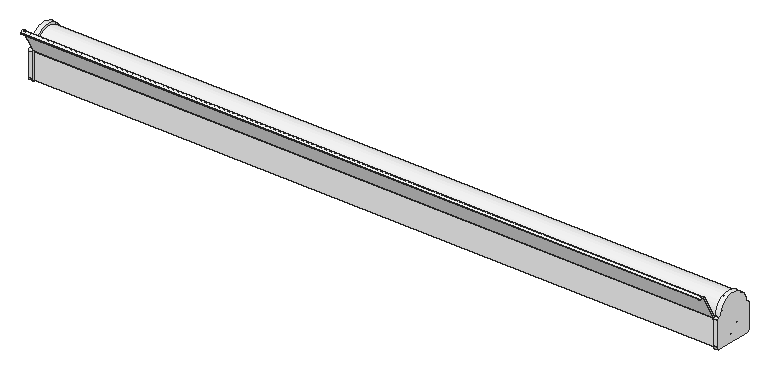
Revit family "0045172+0045234 Feilo Sylvania Lighting Fixture SYLBATTEN LED3 NW TP3 with ASYMMETRIC REFLECTOR ACCESSORY 1200MM", category Lighting Fixtures, host Face, Revit 2017
Family settings
  Host = Face
  Round Connector Dimension = Use Diameter
  Part Type = Normal
  OmniClass Number = 23.80.70.00
  OmniClass Title = Lighting
  Cut with Voids When Loaded = No
  Light Source = Yes
  Shared = No
  Room Calculation Point = No
Parameters (values of type "0045172 SYLBATTEN LED3 NW TP3")
  Width_FEILO = 66 mm
  Weight = "2.546 kg"
  Wattage Comments = "n/a"
  Wattage = 26 W
  WarrantyStartDate [instance] = "n/a"
  WarrantyGuarantorParts = "n/a"
  WarrantyDurationUnit = "n/a"
  WarrantyDurationParts = "n/a"
  WarrantyDescription = "n/a"
  built-in parameter 1150110 = 1 (stored number, unit not read)
  Voltage = 230 V
  URL = "http://www.sylvania-lighting.com"
  TypeName = "SYLBATTEN LED3 NW TP3"
  Type Image = <None>
  Type Comments = "n/a"
  built-in parameter 1114217 = 1 (stored number, unit not read)
  Tilt Angle = -90.00°
  built-in parameter 1150109 = 1 (stored number, unit not read)
  built-in parameter 1150134 = 12
  SymReflector_FEILO = no
  built-in parameter 1150113 = 1 (stored number, unit not read)
  SerialNumber [instance] = "n/a"
  PowerFactor = 0
  PowerConsumption = "26 W"
  Photometric Web File = "0045172+0045234.ies"
  NominalLength = 1205 mm
  NominalHeight = 91 mm
  NominalDepth = 122 mm
  Name = "SYLBATTEN LED3 NW TP3"
  ModelReference = Name  # "SYLBATTEN LED3 NW TP3"
  ModelNumber = "0045172"
  Model = Name  # "SYLBATTEN LED3 NW TP3"
  Material_4_FEILO = Reflector-Sylvania-Sylbatten-White
  Material_3_FEILO = Diffuser-Sylvania-Sylbatten-Glow
  Material_2_FEILO = Body-Sylvania-Sylbatten-White
  Material_1_FEILO = Body-Sylvania-Sylbatten-White
  Material = "sheet steel housing, polycarbonate diffuser"
  ManufacturerName = "Feilo Sylvania"
  Manufacturer = "Feilo Sylvania"
  LuminousEfficacy = "108.1 lm/W"
  built-in parameter 1150105 = 223.76 (stored number, unit not read)
  Lumens = 2811.9 lm
  LuminaireType = ""
  built-in parameter 1150115 = 1 (stored number, unit not read)
  LightOutputRatio = "100"
  built-in parameter 1150137 = (empty or 0)
  built-in parameter 1150139 = (empty or 0)
  Length_FEILO = 1205 mm
  LampsType = Lamp  # "LED"
  LampNominalLuminous = "2812 lm"
  LampMacAdamStep = "n/a"
  LampColourTemperature = "4000 K"
  LampColourRenderingIndex = "80"
  built-in parameter 1150112 = 1 (stored number, unit not read)
  built-in parameter 1150114 = 1 (stored number, unit not read)
  Lamp = "LED"
  Keynote = "16500"
  InstallationDate [instance] = "n/a"
  InputVoltage = "220-240V~"
  InputNominalFrequency = "n/a"
  built-in parameter 1150132 = (empty or 0)
  built-in parameter 1150102 = (empty or 0)
  built-in parameter 1150107 = 4000 (stored number, unit not read)
  built-in parameter 1150138 = (empty or 0)
  IngressProtection = "IP20"
  ImpactProtectionIndex = "IK07"
  built-in parameter 1150106 = 2.2376 (stored number, unit not read)
  IfcExportType = "IfcLightFixtureType"
  IfcExportAs = "IfcLightFixtureType"
  Height_FEILO = 76 mm
  ExpectedLife = 50000
  Emit from Rectangle Width = Length_FEILO - 16 mm  # 1189 mm
  Emit from Rectangle Length = Width_FEILO - 40 mm  # 26 mm
  Emit Shape Visible in Rendering = no
  ElectricShockClassification = "Class I"
  built-in parameter 1150104 = 10.047 (stored number, unit not read)
  DurationUnit = "hours"
  DocumentationLiterature = "http://www.sylvania-lighting.com/product/en-int/products/0045172"
  DimmingControlOptions = "n/a"
  Dimming Lamp Color Temperature Shift = <None>
  Description = "LED batten, T8 replacement, ease of installation through 2 part push-in design of the housing (safety cable included), through wiring capability (TP3 = 3 core), sheet steel, 2812LM, 26W, 108lm/W, 4000K, drive current: 350mA, CRI 80, 138° wide beam angle, electronic driver (non dimmable), IP20, IK07, 50,000 hrs (L70), (LxWxH) 1205x66x76mm, 5 step MacAdam ellipse, 3kg, white RAL9016, Class 1, 220-240V, energy class: A++, A+, A."
  Default Elevation = 1219.2 mm
  CreatedOn = "1/25/2018"
  CreatedBy = ""
  Cost = 0
  Color Filter = 16777215
  built-in parameter 1114216 [instance] = (empty or 0)
  ClassificationValue = "EF_70_80"
  ClassificationName = "Uniclass2015"
  CapOffset_FEILO = 2 mm
  BarCode [instance] = "n/a"
  built-in parameter 1114218 = 1 (stored number, unit not read)
  BackReflector_FEILO = and(not(AsymReflector_FEILO), SymReflector_FEILO)  # no
  built-in parameter 1150133 = 10 (stored number, unit not read)
  FrontReflector_FEILO = or(AsymReflector_FEILO, SymReflector_FEILO)  # yes
  AsymReflector_FEILO = yes
  AssetType = "Fixed"
  AssetIdentifier [instance] = "n/a"
  Assembly Code = "D5020200"
  Apparent Load = 26 VA
Reference planes
  plane 1 "Center (Front/Back)": y = 0
  plane 2: z = 0
  plane 3 "Center (Left/Right)": x = 0
  plane 4: x = 602.5
  plane 5: x = -602.5
  plane 6: y = 33
  plane 7: y = -33
  plane 8: z = 76
  plane 9: z = 47
  plane 10: y = -29
  plane 11: y = 29
  plane 12: z = 20
  plane 13: z = 74
  plane 14: y = -31
  plane 15: y = -27
  plane 16: y = 27
  plane 17: y = 31
  plane 18: z = 2
  plane 19: x = -594.5
  plane 20: x = 594.5
  plane 21: z = 49
  plane 22: y = 1
  plane 23: y = -1
  plane 24: z = 21
  plane 25: z = 19
  plane 26: y = -61
  plane 27: y = 61
  plane 28: y = -56
  plane 29: y = 56
  plane 30: z = 91
  plane 31: z = 88
Forms (mm)
  Extrusion 1, solid, material "Body-Sylvania-Sylbatten-White" <- "Material_2_FEILO"
    sketch origin (0, 0, 0) x (0, 1, 0) y (0, 0, 1)
      loop
        line (-31, 2) -> (31, 2) -> (31, 45)
        arc (31, 45) -> (30.414, 46.414) -> (29, 47) r 2
        line (29, 47) -> (27, 47)
        arc (27, 47) -> (0, 74) -> (-27, 47) r 27
        line (-27, 47) -> (-29, 47)
        arc (-29, 47) -> (-30.414, 46.414) -> (-31, 45) r 2
        line (-31, 45) -> (-31, 2)
    from -594.5 to 594.5
  Extrusion 2, solid, material "Body-Sylvania-Sylbatten-White" <- "Material_2_FEILO"
    sketch origin (602.5, 1524, 1219.2) x (0, 1, 0) y (0, 0, 1)
      loop
        arc (-1494, -1219.2) -> (-1491.879, -1218.321) -> (-1491, -1216.2) r 3
        line (-1491, -1216.2) -> (-1491, -1173.2)
        arc (-1491, -1173.2) -> (-1491.879, -1171.079) -> (-1494, -1170.2) r 3
        line (-1494, -1170.2) -> (-1495.069, -1170.2)
        arc (-1495.069, -1170.2) -> (-1524, -1143.2) -> (-1552.931, -1170.2) r 29
        line (-1552.931, -1170.2) -> (-1554, -1170.2)
        arc (-1554, -1170.2) -> (-1556.121, -1171.079) -> (-1557, -1173.2) r 3
        line (-1557, -1173.2) -> (-1557, -1216.2)
        arc (-1557, -1216.2) -> (-1556.121, -1218.321) -> (-1554, -1219.2) r 3
        line (-1554, -1219.2) -> (-1494, -1219.2)
      loop
        arc (-1525, -1189.25) -> (-1531.071, -1192.129) -> (-1533.95, -1198.2) r 10
        line (-1533.95, -1198.2) -> (-1532.944, -1198.2)
        arc (-1532.944, -1198.2) -> (-1530.364, -1192.836) -> (-1525, -1190.256) r 9
        line (-1525, -1190.256) -> (-1525, -1189.25)
      loop
        arc (-1523, -1190.256) -> (-1517.636, -1192.836) -> (-1515.056, -1198.2) r 9
        line (-1515.056, -1198.2) -> (-1514.05, -1198.2)
        arc (-1514.05, -1198.2) -> (-1516.929, -1192.129) -> (-1523, -1189.25) r 10
        line (-1523, -1189.25) -> (-1523, -1190.256)
      loop
        line (-1532.944, -1200.2) -> (-1533.95, -1200.2)
        arc (-1533.95, -1200.2) -> (-1531.071, -1206.271) -> (-1525, -1209.15) r 10
        line (-1525, -1209.15) -> (-1525, -1208.144)
        arc (-1525, -1208.144) -> (-1530.364, -1205.564) -> (-1532.944, -1200.2) r 9
      loop
        arc (-1515.056, -1200.2) -> (-1517.636, -1205.564) -> (-1523, -1208.144) r 9
        line (-1523, -1208.144) -> (-1523, -1209.15)
        arc (-1523, -1209.15) -> (-1516.929, -1206.271) -> (-1514.05, -1200.2) r 10
        line (-1514.05, -1200.2) -> (-1515.056, -1200.2)
    from 0 to -8
  Extrusion 3, solid, material "Body-Sylvania-Sylbatten-White" <- "Material_2_FEILO"
    sketch origin (-602.5, 1524, 1219.2) x (0, 1, 0) y (0, 0, 1)
      loop
        arc (-1495.069, -1170.2) -> (-1524, -1143.2) -> (-1552.931, -1170.2) r 29
        line (-1552.931, -1170.2) -> (-1554, -1170.2)
        arc (-1554, -1170.2) -> (-1556.121, -1171.079) -> (-1557, -1173.2) r 3
        line (-1557, -1173.2) -> (-1557, -1216.2)
        arc (-1557, -1216.2) -> (-1556.121, -1218.321) -> (-1554, -1219.2) r 3
        line (-1554, -1219.2) -> (-1494, -1219.2)
        arc (-1494, -1219.2) -> (-1491.879, -1218.321) -> (-1491, -1216.2) r 3
        line (-1491, -1216.2) -> (-1491, -1173.2)
        arc (-1491, -1173.2) -> (-1491.879, -1171.079) -> (-1494, -1170.2) r 3
        line (-1494, -1170.2) -> (-1495.069, -1170.2)
      loop
        line (-1533.95, -1198.2) -> (-1532.944, -1198.2)
        arc (-1532.944, -1198.2) -> (-1530.364, -1192.836) -> (-1525, -1190.256) r 9
        line (-1525, -1190.256) -> (-1525, -1189.25)
        arc (-1525, -1189.25) -> (-1531.071, -1192.129) -> (-1533.95, -1198.2) r 10
      loop
        line (-1523, -1189.25) -> (-1523, -1190.256)
        arc (-1523, -1190.256) -> (-1517.636, -1192.836) -> (-1515.056, -1198.2) r 9
        line (-1515.056, -1198.2) -> (-1514.05, -1198.2)
        arc (-1514.05, -1198.2) -> (-1516.929, -1192.129) -> (-1523, -1189.25) r 10
      loop
        line (-1514.05, -1200.2) -> (-1515.056, -1200.2)
        arc (-1515.056, -1200.2) -> (-1517.636, -1205.564) -> (-1523, -1208.144) r 9
        line (-1523, -1208.144) -> (-1523, -1209.15)
        arc (-1523, -1209.15) -> (-1516.929, -1206.271) -> (-1514.05, -1200.2) r 10
      loop
        line (-1525, -1209.15) -> (-1525, -1208.144)
        arc (-1525, -1208.144) -> (-1530.364, -1205.564) -> (-1532.944, -1200.2) r 9
        line (-1532.944, -1200.2) -> (-1533.95, -1200.2)
        arc (-1533.95, -1200.2) -> (-1531.071, -1206.271) -> (-1525, -1209.15) r 10
    from 0 to 8
  Extrusion 4, solid, material "Reflector-Sylvania-Sylbatten-White" <- "Material_4_FEILO", visible <- "FrontReflector_FEILO"
    sketch origin (0, 0, 0) x (0, 1, 0) y (0, 0, 1)
      loop
        line (-61.257, 88.429) -> (-60.743, 87.571) -> (-56.621, 90.044)
        arc (-56.621, 90.044) -> (-56.237, 90.099) -> (-55.929, 89.863) r 0.5
        line (-55.929, 89.863) -> (-31.435, 46.753) -> (-30.565, 47.247) -> (-55.312, 90.802)
        arc (-55.312, 90.802) -> (-55.928, 91.275) -> (-56.696, 91.165) r 1
        line (-56.696, 91.165) -> (-61.257, 88.429)
    from -594.5 to 594.5
  Extrusion 5, solid, material "Reflector-Sylvania-Sylbatten-White" <- "Material_4_FEILO", visible <- "BackReflector_FEILO"
    sketch origin (0, 0, 0) x (0, 1, 0) y (0, 0, 1)
      loop
        line (30.565, 47.247) -> (31.435, 46.753) -> (55.932, 89.868)
        arc (55.932, 89.868) -> (56.245, 90.112) -> (56.638, 90.062) r 0.518
        line (56.638, 90.062) -> (61.033, 87.565) -> (61.527, 88.435) -> (56.682, 91.188)
        arc (56.682, 91.188) -> (55.922, 91.282) -> (55.318, 90.812) r 1
        line (55.318, 90.812) -> (30.565, 47.247)
    from -594.5 to 594.5
Lines and regions (mm)
  reference lines
    curve 1: line (0, -61, 88) -> (0, -56, 91)
    curve 2: line (0, -56, 91) -> (0, -31, 47)
    curve 3: line (0, 31, 47) -> (0, 56, 91)
    curve 4: line (0, 56, 91) -> (0, 61.28, 88)
Dimensions and locks
  equal spacing: plane 5, plane 3 "Center (Left/Right)", plane 4
  equal spacing: plane 7, plane 1 "Center (Front/Back)", plane 6
  "Width_FEILO": plane 7 to plane 6
  "Length_FEILO": plane 5 to plane 4
  "Height_FEILO": plane 8 to plane 2
  locked: plane 9 to plane 8 at 29
  equal spacing: plane 10, plane 1 "Center (Front/Back)", plane 11
  locked: plane 7 to plane 10 at 4
  locked: plane 12 to plane 2 at 20
  "CapOffset_FEILO": plane 13 to plane 8
  "CapOffset_FEILO": plane 7 to plane 14
  "CapOffset_FEILO": plane 10 to plane 15
  "CapOffset_FEILO": plane 17 to plane 6
  "CapOffset_FEILO": plane 16 to plane 11
  "CapOffset_FEILO": plane 18 to plane 2
  locked: plane 14 to Extrusion 1 sketch curve at 2
  locked: Extrusion 1 sketch curve to plane 9 at 2  (x2)
  locked: plane 16 to Extrusion 1 sketch curve at 2
  equal spacing: plane 19, plane 3 "Center (Left/Right)", plane 20
  locked: plane 5 to plane 19 at 8
  "CapOffset_FEILO": plane 9 to plane 21
  locked: Extrusion 2 sketch curve to plane 2 at 47
  locked: Extrusion 1 sketch curve to plane 2 at 47
  locked: Extrusion 2 sketch curve to plane 2 at 3  (x2)
  locked: plane 7 to Extrusion 2 sketch curve at 3  (x2)
  locked: Extrusion 2 sketch curve to plane 6 at 3  (x2)
  locked: Extrusion 2 sketch curve to plane 21 at 3  (x2)
  equal spacing: plane 23, plane 1 "Center (Front/Back)", plane 22
  equal spacing: plane 25, plane 12, plane 24
  plane 30 to plane 31 to plane 2 = 3 mm locked, 88 mm locked
  plane 28 to plane 29 = 112 mm
  plane 26 to plane 27 = 122 mm
  aligned and locked: plane 2 to host face
  aligned and locked: level to host face
  aligned and locked: plane 18 to Extrusion 1 sketch curve
  aligned and locked: plane 14 to Extrusion 1 sketch curve
  aligned and locked: Extrusion 1 sketch curve to plane 9  (x2)
  aligned and locked: Extrusion 1 sketch curve to plane 17
  aligned and locked: plane 15 to Extrusion 1 sketch curve
  aligned and locked: plane 16 to Extrusion 1 sketch curve
  aligned and locked: plane 9 to Extrusion 1 sketch curve
  aligned and locked: plane 20 to Extrusion 1
  aligned and locked: level to Extrusion 2 sketch curve
  aligned and locked: Extrusion 2 sketch curve to plane 7
  aligned and locked: plane 21 to Extrusion 2 sketch curve
  aligned and locked: Extrusion 2 sketch curve to plane 21
  aligned and locked: plane 1 "Center (Front/Back)" to Extrusion 2 sketch curve  (x3)
  aligned and locked: Extrusion 2 to Extrusion 1
  aligned and locked: plane 4 to Extrusion 2
  aligned and locked: plane 12 to Extrusion 2 sketch curve  (x2)
  aligned and locked: Extrusion 2 sketch curve to plane 22
  aligned and locked: Extrusion 2 sketch curve to plane 23
  aligned and locked: Extrusion 2 sketch curve to plane 24
  aligned and locked: Extrusion 2 sketch curve to plane 25
  aligned and locked: plane 25 to Extrusion 2 sketch curve
  aligned and locked: plane 22 to Extrusion 2 sketch curve
  aligned and locked: plane 24 to Extrusion 2 sketch curve
  aligned and locked: plane 23 to Extrusion 2 sketch curve  (x2)
  aligned and locked: Extrusion 3 sketch curve to Extrusion 2  (x22)
  aligned and locked: Extrusion 3 to Extrusion 1
  aligned and locked: Extrusion 3 to plane 5
  aligned and locked: plane 19 to Extrusion 3
  aligned and locked: plane 31 to curve 1
  aligned and locked: plane 30 to curve 1
  aligned and locked: plane 14 to curve 2
  aligned and locked: plane 9 to curve 2
  aligned and locked: plane 17 to curve 3
  aligned and locked: plane 30 to curve 3
  aligned and locked: plane 31 to curve 4
  aligned and locked: Extrusion 4 sketch curve to curve 2
  aligned and locked: Extrusion 4 sketch curve to curve 1
  aligned and locked: Extrusion 4 to Extrusion 1
  aligned and locked: Extrusion 1 to Extrusion 4
  aligned and locked: imposter light to plane 1 "Center (Front/Back)"
  aligned and locked: imposter light to plane 3 "Center (Left/Right)"
  aligned and locked: imposter light to plane 13
  aligned and locked: Extrusion 5 sketch curve to curve 4
  aligned and locked: Extrusion 5 sketch curve to curve 3
  aligned and locked: Extrusion 1 to Extrusion 5
  aligned and locked: Extrusion 5 to Extrusion 1
Automatic sketch dimensions
  host sketch curve to host sketch curve = 2438.4 mm  (x2)
  Extrusion 2 sketch curve to Extrusion 2 sketch curve = 0 mm  (x14)
  Extrusion 2 sketch curve to plane 10 = 0.069 mm
  plane 23 to Extrusion 2 sketch curve = 8.95 mm
  Extrusion 2 sketch curve to Extrusion 2 sketch curve = 1.006 mm  (x4)
  Extrusion 2 sketch curve to plane 22 = 7.944 mm
  curve 1 to plane 26 = 0 mm
  curve 2 to plane 28 = 0 mm
  curve 4 to plane 29 = 0 mm
  plane 9 to curve 3 = 0 mm
  plane 26 to Extrusion 4 sketch curve = 0.257 mm
  Extrusion 4 sketch curve to plane 26 = 0.257 mm
  Extrusion 4 sketch curve to plane 30 = 0.165 mm
  plane 28 to Extrusion 4 sketch curve = 0.696 mm
  plane 28 to Extrusion 4 sketch curve = 0.621 mm
  plane 28 to Extrusion 4 sketch curve = 0.364 mm
  plane 28 to Extrusion 4 sketch curve = 0.182 mm
  Extrusion 4 sketch curve to plane 28 = 0.071 mm
  plane 30 to Extrusion 4 sketch curve = 0.198 mm
  Extrusion 4 sketch curve to plane 28 = 0.688 mm
  plane 9 to Extrusion 4 sketch curve = 0.247 mm
  plane 1 "Center (Front/Back)" to Extrusion 4 sketch curve = 31.435 mm
  Extrusion 5 sketch curve to plane 9 = 0.247 mm
  Extrusion 5 sketch curve to plane 1 "Center (Front/Back)" = 30.565 mm
  plane 9 to Extrusion 5 sketch curve = 0.247 mm
  plane 30 to Extrusion 5 sketch curve = 0.188 mm
  plane 29 to Extrusion 5 sketch curve = 0.068 mm
  Extrusion 5 sketch curve to plane 29 = 0.188 mm
  Extrusion 5 sketch curve to plane 29 = 0.382 mm
  Extrusion 5 sketch curve to Extrusion 5 sketch curve = 0.256 mm
  Extrusion 5 sketch curve to plane 30 = 0.188 mm
  Extrusion 5 sketch curve to plane 29 = 0.682 mm
  Extrusion 5 sketch curve to plane 27 = 0.033 mm
  Extrusion 5 sketch curve to plane 27 = 0.527 mm
Connectors
  electrical at (0, 0, 0), driven by "Apparent Load", driven by "PowerFactor", driven by "Voltage"
    settings: index 1, voltage 230 V, apparent load 26 VA, apparent load phase1 0 VA, apparent load phase2 0 VA, apparent load phase3 0 VA, power factor 0, load classification "Lighting", number of poles 1, system type 30, power factor state 1, is connector primary yes, connector utility no, sub classification motor no, connector description ""
